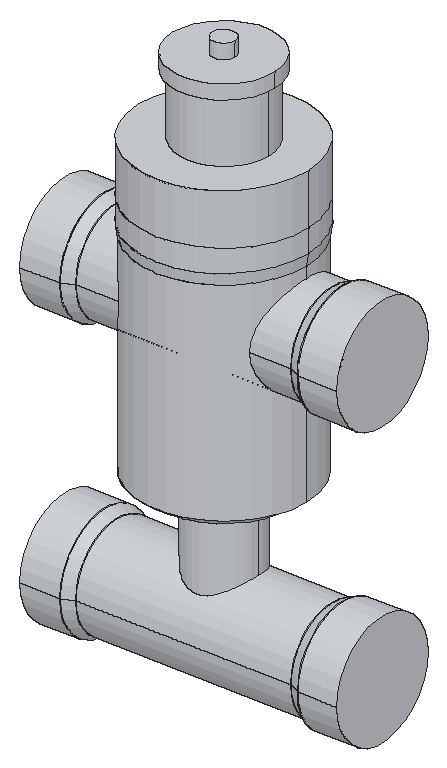
Revit family "VTX26P_DN20_PN16_RFA_2018", category Pipe Accessories, Revit 2018
Family settings
  Round Connector Dimension = Use Diameter
  Part Type = Valve - Breaks Into
  Work Plane-Based = No
  Always vertical = Yes
  Cut with Voids When Loaded = No
  Shared = No
Parameters (values of type "VTX26P G3/4  PN16 kvs6,0")
  magiProductId = ""
  magiProductFamilyId = ""
  magiPartTypeId = 306
  isMeasuringValve [instance] = no
  ang2D [instance] = 0.00°
  Z8 = 4 mm
  Z7__ve = -Z7  # -2.5 mm
  Z7 = 2.5 mm
  Z5 = 9.1 mm
  Z3 = 2 mm
  Z2 = 17.5 mm
  X4__ve = -X4  # -7 mm
  X4 = 7 mm
  X3 = 38 mm
  W2D = 15 mm
  VersionID = ""
  Use Minimum Symbol Size [instance] = yes
  URL = "www.hydronix.cz"
  Type Comments = "Závitový, vnější závit, ploché těsnění; LIN charakteristika; PN16; +5~+95°C; max.rychlost proudění 3,0 m/s"
  R9 = 9 mm
  R8 = 2 mm
  R7 = 15 mm
  R6 = 11.76 mm
  R5 = 7.409 mm
  R4 = 6.174 mm
  R2 = 14.7 mm
  R10 = 8 mm
  R1 = 9 mm
  QmdConnectorList = "301;D;302;D"
  Productdata [instance] = ""
  Manufacturer = "Hydronix"
  MC2 = yes
  MC Product Code = "VTX26P (G3/4\"; dpmax A-AB=100kPa;  dpmax B-AB=40kPa; kvs 6,0)"
  MC = no
  LT2 = 21 mm
  L2D_Min = 3048 mm
  L2D = 38 mm
  H1 = 37.4 mm
  H = 26 mm
  E = 16 mm
  Description = "3 cestný regulační ventil malých spotřebičů s obtokem, DN20; zdvih 2,5mm; max dp A-AB 100kPa; max dp B-AB 40kPa; kvs6,0"
  DT2 = 10 mm
  D = 20 mm
  CAT0 = yes
  C = 50 mm
Types (8, lengths in mm): name | Z5 | Z2 | X3 | R6 | R5 | R4 | R2 | R1 | MC Product Code | LT2 | H1 | H | Description | DT2 | D | C
  VTX09P G1/2  PN16 kvs0,25 | 9.45 | 8.05 | 34 | 10.64 | 6.703 | 5.586 | 13.3 | 6.75 | "VTX09P (G1/2\"; dpmax=250kPa; kvs 0,25)" | 19 | 20.5 | 27 | "3 cestný regulační ventil malých spotřebičů s obtokem, DN15; zdvih 2,5mm; max dp 250kPa; kvs0,25" | 7.5 | 15 | 23
  VTX10P G1/2  PN16 kvs0,4 | 9.45 | 8.05 | 34 | 10.64 | 6.703 | 5.586 | 13.3 | 6.75 | "VTX10P (G1/2\"; dpmax=250kPa; kvs 0,4)" | 19 | 20.5 | 27 | "3 cestný regulační ventil malých spotřebičů s obtokem, DN15; zdvih 2,5mm; max dp 250kPa; kvs0,4" | 7.5 | 15 | 23
  VTX12P G1/2  PN16 kvs1,0 | 9.45 | 8.05 | 34 | 10.64 | 6.703 | 5.586 | 13.3 | 6.75 | "VTX12P (G1/2\"; dpmax=250kPa; kvs 1,0)" | 19 | 20.5 | 27 | "3 cestný regulační ventil malých spotřebičů s obtokem, DN15; zdvih 2,5mm; max dp 250kPa; kvs1,0" | 7.5 | 15 | 23
  VTX13P G1/2  PN16 kvs1,6 | 9.45 | 8.05 | 34 | 10.64 | 6.703 | 5.586 | 13.3 | 6.75 | "VTX13P (G1/2\"; dpmax=250kPa; kvs 1,6)" | 19 | 20.5 | 27 | "3 cestný regulační ventil malých spotřebičů s obtokem, DN15; zdvih 2,5mm; max dp 250kPa; kvs1,6" | 7.5 | 15 | 23
  VTX21P G3/4  PN16 kvs2,5 | 9.1 | 17.5 | 38 | 11.76 | 7.409 | 6.174 | 14.7 | 9 | "VTX21P (G3/4\"; dpmax=150kPa; kvs 2,5)" | 21 | 37.4 | 26 | "3 cestný regulační ventil malých spotřebičů s obtokem, DN20; zdvih 2,5mm; max dp 150kPa; kvs2,5" | 10 | 20 | 50
  VTX24P G3/4  PN16 kvs4,0 | 9.1 | 17.5 | 38 | 11.76 | 7.409 | 6.174 | 14.7 | 9 | "VTX24P (G3/4\"; dpmax A-AB=100kPa;  dpmax B-AB=40kPa;  kvs 4,0)" | 21 | 37.4 | 26 | "3 cestný regulační ventil malých spotřebičů s obtokem, DN20; zdvih 2,5mm; max dp A-AB 100kPa; max dp B-AB 40kPa; kvs4,0" | 10 | 20 | 50
  VTX26P G3/4  PN16 kvs6,0 | 9.1 | 17.5 | 38 | 11.76 | 7.409 | 6.174 | 14.7 | 9 | "VTX26P (G3/4\"; dpmax A-AB=100kPa;  dpmax B-AB=40kPa; kvs 6,0)" | 21 | 37.4 | 26 | "3 cestný regulační ventil malých spotřebičů s obtokem, DN20; zdvih 2,5mm; max dp A-AB 100kPa; max dp B-AB 40kPa; kvs6,0" | 10 | 20 | 50
  VTX11P G1/2  PN16 kvs0,6 | 9.45 | 8.05 | 34 | 10.64 | 6.703 | 5.586 | 13.3 | 6.75 | "VTX11P (G1/2\"; dpmax=250kPa; kvs 0,6)" | 19 | 20.5 | 27 | "3 cestný regulační ventil malých spotřebičů s obtokem, DN15; zdvih 2,5mm; max dp 250kPa; kvs0,6" | 7.5 | 15 | 23
Reference planes
  plane 1 "Center (Front/Back)": y = 0
  plane 2 "XYPLANE": z = 0
  plane 3 "Center (Left/Right)": x = 0
  plane 4 "271": z = 37
  plane 5 "254": z = 10.9
  plane 6 "253": z = 16.9
  plane 7 "148": z = 39.5
  plane 8 "132": z = 42
  plane 9 "62": z = 12.9
  plane 10 "53": z = 26
  plane 11 "52": z = -26.5
  plane 12 "48": z = -28.5
  plane 13 "47": z = -30.5
  plane 14 "38": z = -48
  plane 15 "37": x = 19
  plane 16 "36": x = 21
  plane 17 "23": z = -50
  plane 18 "19": x = -19
  plane 19 "15": x = -21
  plane 20 "6": x = 28
  plane 21 "5": x = -28
  plane 22 "3": z = 0
  plane 23 "2": y = 0
  plane 24 "1": x = 0
Forms (mm)
  Extrusion 1, solid
    sketch origin (-19, -750, 0) x (0, 1, 0) y (0, 0, 1)
      loop
        circle (750, -50) r 9
    from 0 to 38 <- "X3"
  Blend 2, solid
    base sketch origin (21, -750, 0) x (0, 1, 0) y (0, 0, 1)
      loop
        circle (750, -50) r 10
    top sketch origin (21, -750, 0) x (0, 1, 0) y (0, 0, 1)
      loop
        circle (750, -50) r 9
    from 0 to -2
  Extrusion 3, solid
    sketch origin (28, -750, 0) x (0, 1, 0) y (0, 0, 1)
      loop
        circle (750, -50) r 10
    from 0 to -7 <- "X4__ve"
  Extrusion 4, solid
    sketch origin (-28, -750, 0) x (0, 1, 0) y (0, 0, 1)
      loop
        circle (750, -50) r 10
    from 0 to 7 <- "X4"
  Blend 5, solid
    base sketch origin (-21, -750, 0) x (0, 1, 0) y (0, 0, 1)
      loop
        circle (750, -50) r 10
    top sketch origin (-21, -750, 0) x (0, 1, 0) y (0, 0, 1)
      loop
        circle (750, -50) r 9
    from 0 to 2
  Extrusion 6, solid, visible <- "CAT0"
    sketch origin (-750, 0, 42) x (1, 0, 0) y (0, 1, 0)
      loop
        circle (750, 0) r 2
    from 0 to -2.5 <- "Z7__ve"
  Extrusion 7, solid, visible <- "CAT0"
    sketch origin (-750, 0, 37) x (1, 0, 0) y (0, 1, 0)
      loop
        circle (750, 0) r 8
    from 0 to -19
  Extrusion 8, solid, visible <- "CAT0"
    sketch origin (-19, -750, 0) x (0, 1, 0) y (0, 0, 1)
      loop
        circle (750, 0) r 9
    from 0 to 38 <- "X3"
  Extrusion 9, solid
    sketch origin (-750, 0, 12.9) x (1, 0, 0) y (0, 1, 0)
      loop
        circle (750, 0) r 15
    from 0 to 4 <- "Z8"
  Extrusion 10, solid
    sketch origin (-750, 0, 39.5) x (1, 0, 0) y (0, 1, 0)
      loop
        circle (750, 0) r 9
    from 0 to -2.5 <- "Z7__ve"
  Extrusion 11, solid
    sketch origin (-750, 0, 16.9) x (1, 0, 0) y (0, 1, 0)
      loop
        circle (750, 0) r 15
    from 0 to 9.1 <- "Z5"
  Blend 12, solid
    base sketch origin (-750, 0, 10.9) x (1, 0, 0) y (0, 1, 0)
      loop
        circle (750, 0) r 14.7
    top sketch origin (-750, 0, 10.9) x (1, 0, 0) y (0, 1, 0)
      loop
        circle (750, 0) r 15
    from 0 to 2
  Blend 13, solid
    base sketch origin (-750, 0, -26.5) x (1, 0, 0) y (0, 1, 0)
      loop
        circle (750, 0) r 14.7
    top sketch origin (-750, 0, -26.5) x (1, 0, 0) y (0, 1, 0)
      loop
        circle (750, 0) r 11.76
    from 0 to -2
  Blend 14, solid
    base sketch origin (-750, 0, -28.5) x (1, 0, 0) y (0, 1, 0)
      loop
        circle (750, 0) r 7.409
    top sketch origin (-750, 0, -28.5) x (1, 0, 0) y (0, 1, 0)
      loop
        circle (750, 0) r 6.174
    from 0 to -2
  Extrusion 15, solid
    sketch origin (-750, 0, -48) x (1, 0, 0) y (0, 1, 0)
      loop
        circle (750, 0) r 6.174
    from 0 to 17.5 <- "Z2"
  Extrusion 16, solid
    sketch origin (28, -750, 0) x (0, 1, 0) y (0, 0, 1)
      loop
        circle (750, 0) r 10
    from 0 to -7 <- "X4__ve"
  Blend 17, solid
    base sketch origin (21, -750, 0) x (0, 1, 0) y (0, 0, 1)
      loop
        circle (750, 0) r 10
    top sketch origin (21, -750, 0) x (0, 1, 0) y (0, 0, 1)
      loop
        circle (750, 0) r 9
    from 0 to -2
  Extrusion 18, solid
    sketch origin (-750, 0, -26.5) x (1, 0, 0) y (0, 1, 0)
      loop
        circle (750, 0) r 14.7
    from 0 to 37.4 <- "H1"
  Blend 19, solid
    base sketch origin (-21, -750, 0) x (0, 1, 0) y (0, 0, 1)
      loop
        circle (750, 0) r 10
    top sketch origin (-21, -750, 0) x (0, 1, 0) y (0, 0, 1)
      loop
        circle (750, 0) r 9
    from 0 to 2
  Extrusion 20, solid
    sketch origin (-28, -750, 0) x (0, 1, 0) y (0, 0, 1)
      loop
        circle (750, 0) r 10
    from 0 to 7 <- "X4"
  Extrusion 21, solid, not visible
    sketch origin (21, -750, 0) x (0, 1, 0) y (0, 0, 1)
      loop
        circle (750, 0) r 10
    from 0 to -10
  Extrusion 22, solid, not visible
    sketch origin (-21, -750, 0) x (0, 1, 0) y (0, 0, 1)
      loop
        circle (750, 0) r 10
    from 0 to 10
Lines and regions (mm)
  reference lines, not visible
    curve 1: circle (2, 2, 0) r 1 normal (0, 0, 1)
Dimensions and locks
  plane 1 "Center (Front/Back)" to curve 1 = 2 mm
  "Z7": plane 7 "148" to plane 4 "271"
  "Z3": plane 9 "62" to plane 5 "254"
  "Z5": plane 10 "53" to plane 6 "253"
  "Z7": plane 8 "132" to plane 7 "148"
  "E": plane 10 "53" to plane 8 "132"
  "Z8": plane 6 "253" to plane 9 "62"
  "H": plane 2 "XYPLANE" to plane 10 "53"
  "Z3": plane 12 "48" to plane 11 "52"
  "Z3": plane 13 "47" to plane 12 "48"
  "Z2": plane 14 "38" to plane 13 "47"
  "Z3": plane 17 "23" to plane 14 "38"
  locked: plane 16 "36" to plane 15 "37" at 2
  "LT2": plane 3 "Center (Left/Right)" to plane 16 "36"
  "C": plane 2 "XYPLANE" to plane 17 "23"
  locked: plane 19 "15" to plane 18 "19" at 2
  "LT2": plane 3 "Center (Left/Right)" to plane 19 "15"
  "X4": plane 16 "36" to plane 20 "6"
  "X4": plane 19 "15" to plane 21 "5"
  locked: plane 2 "XYPLANE" to plane 22 "3"
  locked: plane 1 "Center (Front/Back)" to plane 23 "2"
  locked: plane 3 "Center (Left/Right)" to plane 24 "1"
  "R1": radius of Extrusion 1 sketch curve
  "R1": radius of Blend 2 sketch curve
  "DT2": radius of Blend 2 sketch curve
  "DT2": radius of Extrusion 3 sketch curve
  "DT2": radius of Extrusion 4 sketch curve
  "R1": radius of Blend 5 sketch curve
  "DT2": radius of Blend 5 sketch curve
  "R8": radius of Extrusion 6 sketch curve
  "R10": radius of Extrusion 7 sketch curve
  "R1": radius of Extrusion 8 sketch curve
  "R7": radius of Extrusion 9 sketch curve
  "R9": radius of Extrusion 10 sketch curve
  "R7": radius of Extrusion 11 sketch curve
  "R7": radius of Blend 12 sketch curve
  "R2": radius of Blend 12 sketch curve
  "R6": radius of Blend 13 sketch curve
  "R2": radius of Blend 13 sketch curve
  "R4": radius of Blend 14 sketch curve
  "R5": radius of Blend 14 sketch curve
  "R4": radius of Extrusion 15 sketch curve
  "DT2": radius of Extrusion 16 sketch curve
  "R1": radius of Blend 17 sketch curve
  "DT2": radius of Blend 17 sketch curve
  "R2": radius of Extrusion 18 sketch curve
  "R1": radius of Blend 19 sketch curve
  "DT2": radius of Blend 19 sketch curve
  "DT2": radius of Extrusion 20 sketch curve
  aligned and locked: level to plane 2 "XYPLANE"
  aligned and locked: plane 17 "23" to Extrusion 1 sketch curve
  aligned and locked: Extrusion 1 sketch curve to plane 23 "2"
  aligned and locked: plane 17 "23" to Blend 2 sketch curve  (x2)
  aligned and locked: Blend 2 sketch curve to plane 23 "2"  (x2)
  aligned and locked: Blend 2 to plane 15 "37"
  aligned and locked: plane 17 "23" to Extrusion 3 sketch curve
  aligned and locked: Extrusion 3 sketch curve to plane 23 "2"
  aligned and locked: plane 17 "23" to Extrusion 4 sketch curve
  aligned and locked: Extrusion 4 sketch curve to plane 23 "2"
  aligned and locked: plane 17 "23" to Blend 5 sketch curve  (x2)
  aligned and locked: Blend 5 sketch curve to plane 23 "2"  (x2)
  aligned and locked: plane 18 "19" to Blend 5
  aligned and locked: plane 23 "2" to Extrusion 6 sketch curve
  aligned and locked: plane 24 "1" to Extrusion 6 sketch curve
  aligned and locked: plane 23 "2" to Extrusion 7 sketch curve
  aligned and locked: plane 24 "1" to Extrusion 7 sketch curve
  aligned and locked: plane 22 "3" to Extrusion 8 sketch curve
  aligned and locked: Extrusion 8 sketch curve to plane 23 "2"
  aligned and locked: plane 23 "2" to Extrusion 9 sketch curve
  aligned and locked: plane 24 "1" to Extrusion 9 sketch curve
  aligned and locked: plane 23 "2" to Extrusion 10 sketch curve
  aligned and locked: plane 24 "1" to Extrusion 10 sketch curve
  aligned and locked: plane 23 "2" to Extrusion 11 sketch curve
  aligned and locked: plane 24 "1" to Extrusion 11 sketch curve
  aligned and locked: plane 23 "2" to Blend 12 sketch curve  (x2)
  aligned and locked: plane 24 "1" to Blend 12 sketch curve  (x2)
  aligned and locked: plane 9 "62" to Blend 12
  aligned and locked: plane 23 "2" to Blend 13 sketch curve  (x2)
  aligned and locked: plane 24 "1" to Blend 13 sketch curve  (x2)
  aligned and locked: Blend 13 to plane 12 "48"
  aligned and locked: plane 23 "2" to Blend 14 sketch curve  (x2)
  aligned and locked: plane 24 "1" to Blend 14 sketch curve  (x2)
  aligned and locked: Blend 14 to plane 13 "47"
  aligned and locked: plane 23 "2" to Extrusion 15 sketch curve
  aligned and locked: plane 24 "1" to Extrusion 15 sketch curve
  aligned and locked: plane 22 "3" to Extrusion 16 sketch curve
  aligned and locked: Extrusion 16 sketch curve to plane 23 "2"
  aligned and locked: plane 22 "3" to Blend 17 sketch curve  (x2)
  aligned and locked: Blend 17 sketch curve to plane 23 "2"  (x2)
  aligned and locked: Blend 17 to plane 15 "37"
  aligned and locked: plane 23 "2" to Extrusion 18 sketch curve
  aligned and locked: plane 24 "1" to Extrusion 18 sketch curve
  aligned and locked: plane 22 "3" to Blend 19 sketch curve  (x2)
  aligned and locked: Blend 19 sketch curve to plane 23 "2"  (x2)
  aligned and locked: plane 18 "19" to Blend 19
  aligned and locked: plane 22 "3" to Extrusion 20 sketch curve
  aligned and locked: Extrusion 20 sketch curve to plane 23 "2"
  aligned and locked: plane 22 "3" to Extrusion 21 sketch curve
  aligned and locked: Extrusion 21 sketch curve to plane 23 "2"
  aligned and locked: plane 22 "3" to Extrusion 22 sketch curve
  aligned and locked: Extrusion 22 sketch curve to plane 23 "2"
Automatic sketch dimensions
  plane 1 "Center (Front/Back)" to Extrusion 21 sketch curve = 10 mm
  plane 1 "Center (Front/Back)" to Extrusion 22 sketch curve = 10 mm
  plane 3 "Center (Left/Right)" to curve 1 = 2 mm
  radius of curve 1 = 1 mm
Connectors
  piping at (-21, 0, 0), diameter 20, driven by "D"
    settings: on Extrusion 22, index 1, connector inside diameter 609.6 mm, connector length 0 mm, flow factor 0, pipe flow 0.0 L/s, pressure drop 0.0 Pa, fitting loss kfactor 0, connector angle 0.00°, fixture units 0, engagement length 0 mm, angle of deflection 0.00°, flow configuration 0, flow direction 0, fitting loss method 0, system type 29, joint type 0, gender type 0, connector reference index 2, connector utility 0, adjustable connector no, is connector primary yes, connector description ""
  piping at (21, 0, 0), diameter 20, driven by "D"
    settings: on Extrusion 21, index 2, connector inside diameter 609.6 mm, connector length 0 mm, flow factor 0, pipe flow 0.0 L/s, pressure drop 0.0 Pa, fitting loss kfactor 0, connector angle 0.00°, fixture units 0, engagement length 0 mm, angle of deflection 0.00°, flow configuration 0, flow direction 0, fitting loss method 0, system type 29, joint type 0, gender type 0, connector reference index 1, connector utility 0, adjustable connector no, is connector primary no, connector description ""
